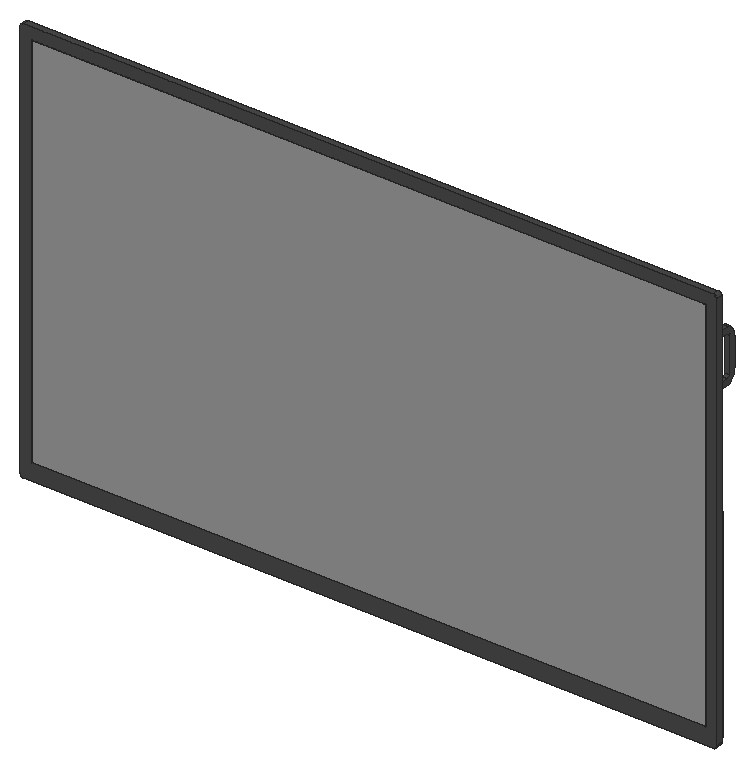
Revit family "Electronics_Visual-TVs_ViewSonic_ViewSonicR-IFP6570-8670-ViewBoard-Interactive-Flat-Panel", category Electrical Equipment, Revit 2017
Family settings
  Panel Configuration = Two Columns, Circuits Across
  Round Connector Dimension = Use Diameter
  Part Type = Panelboard
  OmniClass Number = 23.85.10.14.24.17
  OmniClass Title = Plasma Video Monitors
  Work Plane-Based = No
  Always vertical = Yes
  Cut with Voids When Loaded = No
  Shared = No
  Room Calculation Point = No
Parameters (values of type "IFP 8670")
  Viewing Angles = "H = 178, V = 178 typ."
  URL = "https://www.viewsonic.com"
  Type/ Tech = "TFT LCD Module with DLED Backlight"
  Surface Treatment = "Anti-Glare/anti finger print"
  Screen Material = Screen - ViewSonic - IFP8670
  Response Time = "8ms"
  Product data url = "https://www.bimobject.com/viewsonic/product/viewsonic_ifp8670"
  Product Guid = "8159dfac-f8ee-4751-a0b7-b4e89c10934e"
  Panel Size = "86\""
  Orientation = "Landscape"
  Native Resolution = "UHD 3840x2160(Pixels)"
  Model = "viewsonic_ifp8670"
  Manufacturer = "ViewSonic"
  Keynote = "11130"
  IFP8670 = yes
  IFP6570 = no
  Edition number = 1
  Display Area (mm) = "1895.04 (H) x 1065.96 (V) (85.6”diagonal)"
  Description = "From executive boardrooms to kindergarten classrooms, the ViewSonic® ViewBoard® IFP8670 enables limitless collaboration and endless innovation. Designed to help teams connect, collaborate, and create, this next-generation digital whiteboard delivers exactly what you need to move your ideas forward. A premium, state-of-the-art design features a bezel-less PCAP (projected capacitive) touchscreen with incredible 4K Ultra HD resolution. This highly accurate interactive screen provides for an incredibly natural and responsive handwriting experience. Using fingers, styluses, or both, multiple users can simultaneously write or draw on the huge 86” ViewBoard panel. What’s more, meetings and presentations start fast thanks to convenient one-wire USB-C connectivity."
  Cover Material = Plastic - ViewSonic - Black
  Contrast Ratio = "1200:1 Typ."
  Colors = "1.07B (10bit)"
  Brightness = "350 nits (typ.)"
  Bezel = "Slim"
  Backlight Life = "30,000 Hours (Min)"
  Assembly Code = "D5030500"
  Aspect Ratio = "16:9"
Types (3, lengths in mm): name | Screen Material | Product data url | Product Guid | Panel Size | Model | IFP8670 | IFP6570 | Display Area (mm) | Description
  (no name) | Screen - ViewSonic - IFP8670 | "https://www.bimobject.com/viewsonic/product/viewsonic_ifp8670" | "8159dfac-f8ee-4751-a0b7-b4e89c10934e" | "86\"" | "viewsonic_ifp8670" | yes | no | "1895.04 (H) x 1065.96 (V) (85.6”diagonal)" | "From executive boardrooms to kindergarten classrooms, the ViewSonic® ViewBoard® IFP8670 enables limitless collaboration and endless innovation. Designed to help teams connect, collaborate, and create, this next-generation digital whiteboard delivers exactly what you need to move your ideas forward. A premium, state-of-the-art design features a bezel-less PCAP (projected capacitive) touchscreen with incredible 4K Ultra HD resolution. This highly accurate interactive screen provides for an incredibly natural and responsive handwriting experience. Using fingers, styluses, or both, multiple users can simultaneously write or draw on the huge 86” ViewBoard panel. What’s more, meetings and presentations start fast thanks to convenient one-wire USB-C connectivity."
  IFP 6570 | Screen - ViewSonic - IFP6570 | "https://www.bimobject.com/viewsonic/product/viewsonic_ifp6570" | "0e85d141-102a-484e-8f34-a685a385ac3e" | "65\"" | "viewsonic_ifp6570" | no | yes | "1428.48(H) x 803.52(V) mm (64.5” diagonal)" | "From executive boardrooms to kindergarten classrooms, the ViewSonic® ViewBoard® IFP6570 enables limitless collaboration and endless innovation. Designed to help teams connect, collaborate, and create, this next-generation digital whiteboard delivers exactly what you need to move your ideas forward. A premium, state-of-the-art design features a bezel-less PCAP (projected capacitive) touchscreen with incredible 4K Ultra HD resolution. This highly accurate interactive screen provides for an incredibly natural and responsive handwriting experience. Using fingers, styluses, or both, multiple users can simultaneously write or draw on the huge 65” ViewBoard panel. What’s more, meetings and presentations start fast thanks to convenient one-wire USB-C connectivity."
  IFP 8670 | Screen - ViewSonic - IFP8670 | "https://www.bimobject.com/viewsonic/product/viewsonic_ifp8670" | "8159dfac-f8ee-4751-a0b7-b4e89c10934e" | "86\"" | "viewsonic_ifp8670" | yes | no | "1895.04 (H) x 1065.96 (V) (85.6”diagonal)" | "From executive boardrooms to kindergarten classrooms, the ViewSonic® ViewBoard® IFP8670 enables limitless collaboration and endless innovation. Designed to help teams connect, collaborate, and create, this next-generation digital whiteboard delivers exactly what you need to move your ideas forward. A premium, state-of-the-art design features a bezel-less PCAP (projected capacitive) touchscreen with incredible 4K Ultra HD resolution. This highly accurate interactive screen provides for an incredibly natural and responsive handwriting experience. Using fingers, styluses, or both, multiple users can simultaneously write or draw on the huge 86” ViewBoard panel. What’s more, meetings and presentations start fast thanks to convenient one-wire USB-C connectivity."
Reference planes
  plane 1: y = 0
  plane 2: z = 0
  plane 3 "Center (Left/Right)": x = 0
  plane 4 "Center (Front/Back)": y = 83.2
Forms (mm)
  Extrusion 1, solid, material "Plastic - ViewSonic - Black" <- "Cover Material", visible <- "IFP6570"
    sketch origin (-330.974, 0, 0.198) x (1, 0, 0) y (0, 0, 1)
      loop
        line (1045.474, 850.802) -> (-383.526, 850.802) -> (-383.526, 46.802) -> (1045.474, 46.802) -> (1045.474, 850.802)
      loop
        line (1067.474, 882.802) -> (-405.526, 882.802)
        arc (-405.526, 882.802) -> (-412.597, 879.873) -> (-415.526, 872.802) r 10
        line (-415.526, 872.802) -> (-415.526, 9.802)
        arc (-415.526, 9.802) -> (-412.597, 2.731) -> (-405.526, -0.198) r 10
        line (-405.526, -0.198) -> (1067.474, -0.198)
        arc (1067.474, -0.198) -> (1074.545, 2.731) -> (1077.474, 9.802) r 10
        line (1077.474, 9.802) -> (1077.474, 872.802)
        arc (1077.474, 872.802) -> (1074.545, 879.873) -> (1067.474, 882.802) r 10
    from -17.6 to 0
  Extrusion 2, solid, material "Screen - ViewSonic - IFP8670" <- "Screen Material", visible <- "IFP6570"
    sketch origin (75.776, 0, 0.198) x (1, 0, 0) y (0, 0, 1)
      loop
        line (638.724, 850.802) -> (-790.276, 850.802) -> (-790.276, 46.802) -> (638.724, 46.802) -> (638.724, 850.802)
    from -1 to 0
  Extrusion 3, solid, material "Plastic - ViewSonic - Black" <- "Cover Material", visible <- "IFP6570", detail levels fine
    sketch origin (0, 0, 0) x (0, 1, 0) y (0, 0, 1)
      loop
        line (17.6, 853.48) -> (17.6, 580.035) -> (38.7, 580.035) -> (38.7, 841.298) -> (17.6, 853.48)
    from -723.156 to 721.65
  Extrusion 4, solid, material "Plastic - ViewSonic - Black" <- "Cover Material", visible <- "IFP6570", detail levels medium+fine
    sketch origin (0, 0, 0) x (1, 0, 0) y (0, 1, 0)
      loop
        line (730.35, 17.6) -> (730.35, 42.5) -> (-730.44, 42.5) -> (-730.44, 17.6) -> (730.35, 17.6)
    from 4.385 to 580.035
  Extrusion 5, solid, material "Plastic - ViewSonic - Black" <- "Cover Material", visible <- "IFP6570", detail levels fine
    sketch origin (0, -46.609, -277.976) x (0, 1, 0) y (0, 0, 1)
      loop
        arc (96.37, 957.254) -> (94.32, 952.304) -> (89.37, 950.254) r 7
        line (89.37, 950.254) -> (64.209, 950.254) -> (64.209, 933.217) -> (92.098, 933.217)
        arc (92.098, 933.217) -> (97.347, 934.55) -> (101.323, 938.226) r 11
        line (101.323, 938.226) -> (106.38, 946.012)
        arc (106.38, 946.012) -> (111.336, 956.763) -> (113.034, 968.478) r 41.249
        line (113.034, 968.478) -> (113.034, 1044.968)
        arc (113.034, 1044.968) -> (111.336, 1056.683) -> (106.38, 1067.433) r 41.249
        line (106.38, 1067.433) -> (101.323, 1075.219)
        arc (101.323, 1075.219) -> (97.347, 1078.895) -> (92.098, 1080.228) r 11
        line (92.098, 1080.228) -> (64.209, 1080.228) -> (64.209, 1063.191) -> (89.37, 1063.191)
        arc (89.37, 1063.191) -> (94.32, 1061.141) -> (96.37, 1056.191) r 7
        line (96.37, 1056.191) -> (96.37, 957.254)
    from -743.643 to -730.643
  Extrusion 6, solid, not visible
    sketch origin (-610, 0, -135) x (1, 0, 0) y (0, 0, 1)
      loop
        circle (68.592, 244.879) r 10
    from -83.2 to -84.2
  Extrusion 7, solid, not visible
    sketch origin (-650, 0, -135) x (1, 0, 0) y (0, 0, 1)
      loop
        circle (68.592, 244.879) r 10
    from -83.2 to -84.2
  Extrusion 8, void
    sketch origin (0, 0, 0) x (1, 0, 0) y (0, 1, 0)
      loop
        line (678.457, 38.7) -> (715.003, 17.6) -> (733.643, 17.6) -> (733.643, 38.7) -> (678.457, 38.7)
    from 568.295 to 989.271
  Extrusion 9, void
    sketch origin (0, 0, 0) x (-1, 0, 0) y (0, -1, 0)
      loop
        line (678.457, -38.7) -> (732.338, -38.7) -> (732.338, -17.6) -> (715.003, -17.6) -> (678.457, -38.7)
    from 568.295 to 989.271
  Extrusion 10, solid, material "Plastic - ViewSonic - Black" <- "Cover Material", visible <- "IFP6570", detail levels fine
    sketch origin (0, -46.609, -277.976) x (0, 1, 0) y (0, 0, -1)
      loop
        line (96.37, -957.254) -> (96.37, -1056.191)
        arc (96.37, -1056.191) -> (94.32, -1061.141) -> (89.37, -1063.191) r 7
        line (89.37, -1063.191) -> (64.209, -1063.191) -> (64.209, -1080.228) -> (92.098, -1080.228)
        arc (92.098, -1080.228) -> (97.347, -1078.895) -> (101.323, -1075.219) r 11
        line (101.323, -1075.219) -> (106.38, -1067.433)
        arc (106.38, -1067.433) -> (111.336, -1056.683) -> (113.034, -1044.968) r 41.249
        line (113.034, -1044.968) -> (113.034, -968.478)
        arc (113.034, -968.478) -> (111.336, -956.763) -> (106.38, -946.012) r 41.249
        line (106.38, -946.012) -> (101.323, -938.226)
        arc (101.323, -938.226) -> (97.347, -934.55) -> (92.098, -933.217) r 11
        line (92.098, -933.217) -> (64.209, -933.217) -> (64.209, -950.254) -> (89.37, -950.254)
        arc (89.37, -950.254) -> (94.32, -952.304) -> (96.37, -957.254) r 7
    from -743.643 to -730.643
  Extrusion 11, solid, material "Plastic - ViewSonic - Black" <- "Cover Material", visible <- "IFP6570", detail levels fine
    sketch origin (0, 0, 0) x (1, 0, 0) y (0, 0, 1)
      loop
        line (665.11, 580.035) -> (-665.45, 580.035) -> (-665.45, 4.385) -> (665.11, 4.385) -> (665.11, 580.035)
    from -42.5 to -83.2
  Extrusion 12, void
    sketch origin (0, 0, 0) x (1, 0, 0) y (0, 0, 1)
      loop
        line (692.95, 50.435) -> (495.11, 50.435) -> (495.11, -15) -> (692.95, -15) -> (692.95, 50.435)
      loop
        line (-505.55, 90.785) -> (-665.45, 90.785) -> (-665.45, -15) -> (-505.55, -15) -> (-505.55, 90.785)
    from -209.396 to -42.5
  Extrusion 13, solid, material "Plastic - ViewSonic - Black" <- "Cover Material", visible <- "IFP6570", detail levels fine
    sketch origin (0, 0, 0) x (1, 0, 0) y (0, 0, 1)
      loop
        line (678.457, 617.035) -> (339.326, 617.035)
        arc (339.326, 617.035) -> (325.184, 622.893) -> (319.326, 637.035) r 20
        line (319.326, 637.035) -> (319.326, 854.577) -> (280.389, 854.577) -> (280.389, 637.035)
        arc (280.389, 637.035) -> (274.531, 622.893) -> (260.389, 617.035) r 20
        line (260.389, 617.035) -> (0, 617.035) -> (-260.389, 617.035)
        arc (-260.389, 617.035) -> (-274.531, 622.893) -> (-280.389, 637.035) r 20
        line (-280.389, 637.035) -> (-280.389, 854.577) -> (-319.326, 854.577) -> (-319.326, 637.035)
        arc (-319.326, 637.035) -> (-325.184, 622.893) -> (-339.326, 617.035) r 20
        line (-339.326, 617.035) -> (-678.457, 617.035) -> (-678.457, 580.035) -> (-0.17, 580.035) -> (678.457, 580.035) -> (678.457, 617.035)
    from -17.6 to -44.7
  Extrusion 14, solid, material "Plastic - ViewSonic - Black" <- "Cover Material", visible <- "IFP6570", detail levels fine
    sketch origin (0, 0, 0) x (1, 0, 0) y (0, 1, 0)
      loop
        line (-723.156, 36.5) -> (-730.035, 17.6) -> (79.6, 17.6) -> (72.721, 36.5) -> (-723.156, 36.5)
    from 842.295 to 877.895
  Extrusion 15, solid, material "Plastic - ViewSonic - Black" <- "Cover Material", visible <- "IFP6570", detail levels medium
    sketch origin (35, 0, 0) x (1, 0, 0) y (0, 0, 1)
      loop
        line (630.11, 580.035) -> (-700.45, 580.035) -> (-700.45, 4.385) -> (630.11, 4.385) -> (630.11, 580.035)
    from -42.5 to -83.2
  Extrusion 16, solid, material "Plastic - ViewSonic - Black" <- "Cover Material", visible <- "IFP6570"
    sketch origin (0, 0, 0) x (1, 0, 0) y (0, 0, 1)
      loop
        line (714.5, 851) -> (-714.5, 851) -> (-714.5, 580.035) -> (714.5, 580.035) -> (714.5, 851)
    from -17.6 to -14
  Extrusion 17, solid, material "Plastic - ViewSonic - Black" <- "Cover Material", visible <- "IFP6570", detail levels coarse
    sketch origin (0, 200, 0) x (1, 0, 0) y (0, 1, 0)
      loop
        line (730.35, -116.8) -> (-730.44, -116.8) -> (-730.44, -182.4) -> (730.35, -182.4) -> (730.35, -116.8)
    from 4.385 to 877.895
Cuts and joins
  Extrusion 12 cuts Extrusion 2
  Extrusion 12 cuts Extrusion 11
  Extrusion 8, Extrusion 9 cuts Extrusion 3
  Extrusion 9, Extrusion 12 cuts Extrusion 1
  joined: Extrusion 1, Extrusion 16
Lines and regions (mm)
  Masking region 1, visible <- "IFP6570", detail levels coarse
    outline origin (0, 0, 0) x (1, 0, 0) y (0, 1, 0)
      loop
        line (-746.5, 17.6) -> (-746.5, 0) -> (746.5, 0) -> (746.5, 17.6) -> (743.643, 17.6) -> (743.643, 66.425) -> (730.35, 66.425) -> (730.35, 83.2) -> (-730.44, 83.2) -> (-730.44, 66.425) -> (-743.643, 66.425) -> (-743.643, 17.6) -> (-746.5, 17.6)
  Masking region 2, visible <- "IFP6570", detail levels medium+fine
    outline origin (0, 0, 0) x (1, 0, 0) y (0, 1, 0)
      loop
        line (-746.5, 17.6) -> (-746.5, 0) -> (746.5, 0) -> (746.5, 17.6) -> (715.003, 17.6) -> (678.457, 38.7) -> (678.457, 44.7) -> (665.11, 44.7) -> (665.11, 83.2) -> (-665.45, 83.2) -> (-665.45, 44.7) -> (-678.156, 44.7) -> (-678.156, 36.5) -> (-723.156, 36.5) -> (-730.035, 17.6) -> (-746.5, 17.6)
  symbolic lines, visible <- "IFP6570", detail levels medium+fine
    curve 1: line (-730.035, 17.6, 0) -> (714.5, 17.6, 0)
    curve 2: line (665.11, 44.7, 0) -> (-665.45, 44.7, 0)
Dimensions and locks
  aligned and locked: level to plane 2
Nested families
  nested 1: "Electronics_Visual-TVs_ViewSonic_ViewSonicR-IFP8670-ViewBoard-Interactive-Flat-Panel" at (0, 0, 0), visible <- "IFP8670", type "IFP 8670"
Connectors
  electrical at (-581.408, 83.2, 109.879)
    settings: on Extrusion 7, index 1, voltage 240 V, apparent load 0 VA, apparent load phase1 0 VA, apparent load phase2 0 VA, apparent load phase3 0 VA, power factor 1, load classification "Other", number of poles 1, system type 30, power factor state 1, is connector primary yes, connector utility no, sub classification motor no, connector description "Electrical Connector"
  electrical at (-541.408, 83.2, 109.879)
    settings: on Extrusion 6, index 2, voltage 0 V, apparent load 0 VA, apparent load phase1 0 VA, apparent load phase2 0 VA, apparent load phase3 0 VA, power factor 1, load classification "Other", number of poles 1, system type 5, power factor state 1, is connector primary no, connector utility no, sub classification motor no, connector description "Data Connector"
Definition of nested family "Electronics_Visual-TVs_ViewSonic_ViewSonicR-IFP8670-ViewBoard-Interactive-Flat-Panel"
  Parameters (values of type "IFP 8670")
    Viewing Angles = "H = 178, V = 178 typ."
    URL = "https://www.viewsonic.com"
    Type/ Tech = "TFT LCD Module with DLED Backlight"
    Surface Treatment = "Anti-Glare/anti finger print"
    Screen Material = none
    Response Time = "8ms"
    Product data url = "https://www.bimobject.com/viewsonic/product/viewsonic_ifp8670"
    Product Guid = "8159dfac-f8ee-4751-a0b7-b4e89c10934e"
    Panel Size = "86\""
    Orientation = "Landscape"
    Native Resolution = "UHD 3840x2160(Pixels)"
    Model = "viewsonic_ifp8670"
    Manufacturer = "ViewSonic"
    Keynote = "11130"
    Edition number = 1
    Display Area (mm) = "1895.04 (H) x 1065.96 (V) (85.6”diagonal)"
    Description = "From executive boardrooms to kindergarten classrooms, the ViewSonic® ViewBoard® IFP8670 enables limitless collaboration and endless innovation. Designed to help teams connect, collaborate, and create, this next-generation digital whiteboard delivers exactly what you need to move your ideas forward. A premium, state-of-the-art design features a bezel-less PCAP (projected capacitive) touchscreen with incredible 4K Ultra HD resolution. This highly accurate interactive screen provides for an incredibly natural and responsive handwriting experience. Using fingers, styluses, or both, multiple users can simultaneously write or draw on the huge 86” ViewBoard panel. What’s more, meetings and presentations start fast thanks to convenient one-wire USB-C connectivity."
    Cover Material = none
    Contrast Ratio = "1200:1 Typ."
    Colors = "1.07B (10bit)"
    Brightness = "350 nits (typ.)"
    Bezel = "Slim"
    Backlight Life = "30,000 Hours (Min)"
    Assembly Code = "D5030500"
    Aspect Ratio = "16:9"
  Reference planes
    plane 1: y = 0
    plane 2: z = 0
    plane 3 "Center (Left/Right)": x = 0
    plane 4 "Center (Front/Back)": y = 83.2
  Forms (mm)
    Extrusion 1, solid, material <- "Cover Material"
      sketch origin (-330.974, 0, 0.198) x (1, 0, 0) y (0, 0, 1)
        loop
          line (1279.974, 1113.802) -> (-618.026, 1113.802) -> (-618.026, 45.802) -> (1279.974, 45.802) -> (1279.974, 1113.802)
        loop
          line (1301.974, 1145.802) -> (-640.026, 1145.802)
          arc (-640.026, 1145.802) -> (-647.097, 1142.873) -> (-650.026, 1135.802) r 10
          line (-650.026, 1135.802) -> (-650.026, 9.802)
          arc (-650.026, 9.802) -> (-647.097, 2.731) -> (-640.026, -0.198) r 10
          line (-640.026, -0.198) -> (1301.974, -0.198)
          arc (1301.974, -0.198) -> (1309.045, 2.731) -> (1311.974, 9.802) r 10
          line (1311.974, 9.802) -> (1311.974, 1135.802)
          arc (1311.974, 1135.802) -> (1309.045, 1142.873) -> (1301.974, 1145.802) r 10
      from -17.6 to 0
    Extrusion 2, solid, material <- "Screen Material"
      sketch origin (75.776, 0, 0.198) x (1, 0, 0) y (0, 0, 1)
        loop
          line (873.224, 1113.802) -> (-1024.776, 1113.802) -> (-1024.776, 45.802) -> (873.224, 45.802) -> (873.224, 1113.802)
      from -1 to 0
    Extrusion 3, solid, material <- "Cover Material", detail levels fine
      sketch origin (0, 0, 0) x (0, 1, 0) y (0, 0, 1)
        loop
          line (17.6, 1116.682) -> (17.6, 574.159) -> (38.9, 574.159) -> (38.9, 1104.384) -> (17.6, 1116.682)
      from -954.142 to 953.466
    Extrusion 4, solid, material <- "Cover Material", detail levels medium+fine
      sketch origin (0, 0, 0) x (1, 0, 0) y (0, 1, 0)
        loop
          line (964.65, 17.6) -> (964.65, 42.5) -> (-964.65, 42.5) -> (-964.65, 17.6) -> (964.65, 17.6)
      from 4.659 to 574.159
    Extrusion 5, solid, material <- "Cover Material", detail levels fine
      sketch origin (0, -46.609, -33.781) x (0, 1, 0) y (0, 0, 1)
        loop
          arc (96.37, 957.254) -> (94.32, 952.304) -> (89.37, 950.254) r 7
          line (89.37, 950.254) -> (64.209, 950.254) -> (64.209, 933.217) -> (92.098, 933.217)
          arc (92.098, 933.217) -> (97.347, 934.55) -> (101.323, 938.226) r 11
          line (101.323, 938.226) -> (106.38, 946.012)
          arc (106.38, 946.012) -> (111.336, 956.763) -> (113.034, 968.478) r 41.249
          line (113.034, 968.478) -> (113.034, 1044.968)
          arc (113.034, 1044.968) -> (111.336, 1056.683) -> (106.38, 1067.433) r 41.249
          line (106.38, 1067.433) -> (101.323, 1075.219)
          arc (101.323, 1075.219) -> (97.347, 1078.895) -> (92.098, 1080.228) r 11
          line (92.098, 1080.228) -> (64.209, 1080.228) -> (64.209, 1063.191) -> (89.37, 1063.191)
          arc (89.37, 1063.191) -> (94.32, 1061.141) -> (96.37, 1056.191) r 7
          line (96.37, 1056.191) -> (96.37, 957.254)
      from -978.065 to -965.065
    Extrusion 6, solid, not visible
      sketch origin (-840, 0, -135) x (1, 0, 0) y (0, 0, 1)
        loop
          circle (68.592, 244.879) r 10
      from -83.2 to -84.2
    Extrusion 7, solid, not visible
      sketch origin (-880, 0, -135) x (1, 0, 0) y (0, 0, 1)
        loop
          circle (68.592, 244.879) r 10
      from -83.2 to -84.2
    Extrusion 8, void
      sketch origin (-235.648, 0, 0) x (-1, 0, 0) y (0, -1, 0)
        loop
          line (663.254, -46.9) -> (725.352, -46.9) -> (725.352, -17.6) -> (714.003, -17.6) -> (663.254, -46.9)
      from 568.295 to 1116.682
    Extrusion 9, solid, material <- "Cover Material", detail levels fine
      sketch origin (0, 0, 0) x (1, 0, 0) y (0, 0, 1)
        loop
          line (899.41, 576.759) -> (-899.69, 576.759) -> (-899.69, 4.385) -> (899.41, 4.385) -> (899.41, 576.759)
      from -42.5 to -83.2
    Extrusion 10, void
      sketch origin (-235, 0, 0) x (1, 0, 0) y (0, 0, 1)
        loop
          line (1139, 50.435) -> (963.609, 50.435) -> (963.609, -15) -> (1139, -15) -> (1139, 50.435)
        loop
          line (-504.69, 90.459) -> (-674.15, 90.459) -> (-674.15, -15) -> (-504.69, -15) -> (-504.69, 90.459)
      from -209.396 to -42.5
    Extrusion 11, solid, material <- "Cover Material", detail levels fine
      sketch origin (0, 0, 0) x (1, 0, 0) y (0, 0, 1)
        loop
          line (912.759, 613.285) -> (451.201, 613.285)
          arc (451.201, 613.285) -> (437.059, 619.143) -> (431.201, 633.285) r 20
          line (431.201, 633.285) -> (431.201, 815.285)
          arc (431.201, 815.285) -> (437.059, 829.427) -> (451.201, 835.285) r 20
          line (451.201, 835.285) -> (912.759, 835.285) -> (912.759, 875.285) -> (451.201, 875.285)
          arc (451.201, 875.285) -> (437.059, 881.143) -> (431.201, 895.285) r 20
          line (431.201, 895.285) -> (431.201, 1120.285) -> (369.201, 1120.285) -> (369.201, 895.285)
          arc (369.201, 895.285) -> (363.343, 881.143) -> (349.201, 875.285) r 20
          line (349.201, 875.285) -> (0, 875.285) -> (-349.201, 875.285)
          arc (-349.201, 875.285) -> (-363.343, 881.143) -> (-369.201, 895.285) r 20
          line (-369.201, 895.285) -> (-369.201, 1120.285) -> (-431.201, 1120.285) -> (-431.201, 895.285)
          arc (-431.201, 895.285) -> (-437.059, 881.143) -> (-451.201, 875.285) r 20
          line (-451.201, 875.285) -> (-912.759, 875.285) -> (-912.759, 835.285) -> (-451.201, 835.285)
          arc (-451.201, 835.285) -> (-437.059, 829.427) -> (-431.201, 815.285) r 20
          line (-431.201, 815.285) -> (-431.201, 633.285)
          arc (-431.201, 633.285) -> (-437.059, 619.143) -> (-451.201, 613.285) r 20
          line (-451.201, 613.285) -> (-912.759, 613.285) -> (-912.759, 576.759) -> (-0.17, 576.759) -> (912.759, 576.759) -> (912.759, 613.285)
        loop
          line (369.201, 633.285) -> (369.201, 815.285)
          arc (369.201, 815.285) -> (363.343, 829.427) -> (349.201, 835.285) r 20
          line (349.201, 835.285) -> (0, 835.285) -> (-349.201, 835.285)
          arc (-349.201, 835.285) -> (-363.343, 829.427) -> (-369.201, 815.285) r 20
          line (-369.201, 815.285) -> (-369.201, 633.285)
          arc (-369.201, 633.285) -> (-363.343, 619.143) -> (-349.201, 613.285) r 20
          line (-349.201, 613.285) -> (-0.17, 613.285) -> (349.201, 613.285)
          arc (349.201, 613.285) -> (363.343, 619.143) -> (369.201, 633.285) r 20
      from -17.6 to -46.9
    Extrusion 12, solid, material <- "Cover Material", detail levels medium
      sketch origin (35, 0, 0) x (1, 0, 0) y (0, 0, 1)
        loop
          line (864.41, 576.759) -> (-934.69, 576.759) -> (-934.69, 4.385) -> (864.41, 4.385) -> (864.41, 576.759)
      from -42.5 to -83.2
    Extrusion 13, solid, material <- "Cover Material"
      sketch origin (0, 0, 0) x (1, 0, 0) y (0, 0, 1)
        loop
          line (949, 1114) -> (-949, 1114) -> (-949, 574.159) -> (949, 574.159) -> (949, 1114)
      from -17.6 to -14
    Extrusion 14, solid, material <- "Cover Material", detail levels coarse
      sketch origin (0, 200, 0) x (1, 0, 0) y (0, 1, 0)
        loop
          line (964.65, -182.4) -> (964.65, -116.8) -> (-964.65, -116.8) -> (-964.65, -182.4) -> (964.65, -182.4)
      from 4.385 to 1120.285
    Extrusion 15, void
      sketch origin (235.648, 0, 0) x (1, 0, 0) y (0, 1, 0)
        loop
          line (667.065, 44.7) -> (714.003, 17.6) -> (725.352, 17.6) -> (725.352, 44.7) -> (667.065, 44.7)
      from 568.295 to 1116.682
    Extrusion 16, solid, material <- "Cover Material", detail levels fine
      sketch origin (0, -46.609, -33.781) x (0, 1, 0) y (0, 0, -1)
        loop
          line (96.37, -957.254) -> (96.37, -1056.191)
          arc (96.37, -1056.191) -> (94.32, -1061.141) -> (89.37, -1063.191) r 7
          line (89.37, -1063.191) -> (64.209, -1063.191) -> (64.209, -1080.228) -> (92.098, -1080.228)
          arc (92.098, -1080.228) -> (97.347, -1078.895) -> (101.323, -1075.219) r 11
          line (101.323, -1075.219) -> (106.38, -1067.433)
          arc (106.38, -1067.433) -> (111.336, -1056.683) -> (113.034, -1044.968) r 41.249
          line (113.034, -1044.968) -> (113.034, -968.478)
          arc (113.034, -968.478) -> (111.336, -956.763) -> (106.38, -946.012) r 41.249
          line (106.38, -946.012) -> (101.323, -938.226)
          arc (101.323, -938.226) -> (97.347, -934.55) -> (92.098, -933.217) r 11
          line (92.098, -933.217) -> (64.209, -933.217) -> (64.209, -950.254) -> (89.37, -950.254)
          arc (89.37, -950.254) -> (94.32, -952.304) -> (96.37, -957.254) r 7
      from -978.065 to -965.065
  Cuts and joins
    Extrusion 10 cuts Extrusion 2
    Extrusion 10 cuts Extrusion 9
    Extrusion 8, Extrusion 15 cuts Extrusion 3
    Extrusion 8, Extrusion 10, Extrusion 15 cuts Extrusion 1
    Extrusion 15 cuts Extrusion 13
    joined: Extrusion 1, Extrusion 13
  Lines and regions (mm)
    Masking region 1, detail levels coarse
      outline origin (0, 0, 0) x (1, 0, 0) y (0, 1, 0)
        loop
          line (-978.065, 17.6) -> (-981, 17.6) -> (-981, 0) -> (981, 0) -> (981, 17.6) -> (978.065, 17.6) -> (978.065, 66.425) -> (964.65, 66.425) -> (964.65, 83.2) -> (-964.65, 83.2) -> (-964.65, 66.425) -> (-978.065, 66.425) -> (-978.065, 17.6)
    Masking region 2, detail levels medium+fine
      outline origin (0, 0, 0) x (1, 0, 0) y (0, 1, 0)
        loop
          line (899.41, 83.2) -> (-899.69, 83.2) -> (-899.69, 46.9) -> (-912.759, 46.9) -> (-912.759, 38.9) -> (-949.652, 17.6) -> (-981, 17.6) -> (-981, 0) -> (981, 0) -> (981, 17.6) -> (949.652, 17.6) -> (912.759, 38.9) -> (912.759, 46.9) -> (899.41, 46.9) -> (899.41, 83.2)
    symbolic lines, detail levels medium+fine
      curve 1: line (899.41, 46.9, 0) -> (-899.69, 46.9, 0)
      curve 2: line (-949.652, 17.6, 0) -> (949.652, 17.6, 0)
      curve 3: line (912.759, 38.9, 0) -> (-912.759, 38.9, 0)
  Dimensions and locks
    aligned and locked: level to plane 2
